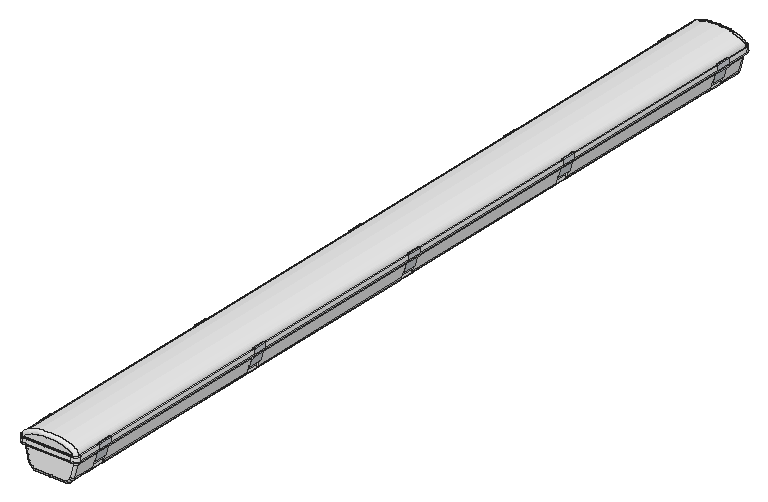
Revit family "0048803 Sylvania Lighting Fixture HYDROPROOF LED G3 1500MM T 4K E3", category Lighting Fixtures, host Face, Revit 2016
Family settings
  Host = Face
  Part Type = Normal
  Round Connector Dimension = Use Diameter
  OmniClass Number = 23.80.70.11.14
  OmniClass Title = General Luminaries, Directional
  Cut with Voids When Loaded = No
  Light Source = Yes
  Shared = No
  Room Calculation Point = No
Parameters (values of type "0048803 HYDROPROOF LED G3 1500MM T 4K E3")
  Width = 110 mm
  Weight = "2.88 kg"
  Wattage Comments = "n/a"
  Wattage = 49 W
  WarrantyStartDate [instance] = "n/a"
  WarrantyGuarantorParts = "n/a"
  WarrantyDurationUnit = "n/a"
  WarrantyDurationParts = "n/a"
  WarrantyDescription = "n/a"
  built-in parameter 1150110 = 1 (stored number, unit not read)
  Voltage = 230 V
  URL = "http://www.sylvania-lighting.com"
  TypeName = "HYDROPROOF LED G3 1500MM T 4K E3"
  Type Image = <None>
  Type Comments = "n/a"
  built-in parameter 1114217 = 1 (stored number, unit not read)
  Tilt Angle = -90.00°
  built-in parameter 1150109 = 1 (stored number, unit not read)
  built-in parameter 1150134 = 12
  built-in parameter 1150113 = 1 (stored number, unit not read)
  SerialNumber [instance] = "n/a"
  ReflectorMaterial = none
  PowerFactor = 0
  PowerConsumption = "49 W"
  Photometric Web File = "0048803.ies"
  NominalWidth = 0 mm
  NominalLength = 1578 mm
  NominalHeight = 78 mm
  Name = "HYDROPROOF LED G3 1500MM T 4K E3"
  ModelReference = "HYDROPROOF LED G3 1500MM T 4K E3"
  ModelNumber = "0048803"
  Model = "HYDROPROOF LED G3 1500MM T 4K E3"
  Material = "grp housing, pmma diffuser"
  ManufacturerName = "Feilo Sylvania"
  Manufacturer = "Feilo Sylvania"
  LuminousEfficacy = "140 lm/W"
  built-in parameter 1150105 = 545.9 (stored number, unit not read)
  Lumens = 6860 lm
  LuminaireType = ""
  built-in parameter 1150115 = 1 (stored number, unit not read)
  LightOutputRatio = "n/a"
  built-in parameter 1150137 = (empty or 0)
  built-in parameter 1150139 = (empty or 0)
  Length = 1572 mm
  LampsType = Lamp  # "LED"
  LampNominalLuminous = "6900 lm"
  LampMacAdamStep = "3"
  LampColourTemperature = "4000 K"
  LampColourRenderingIndex = "80"
  built-in parameter 1150112 = 1 (stored number, unit not read)
  built-in parameter 1150114 = 1 (stored number, unit not read)
  Lamp = "LED"
  Keynote = "16500"
  InstallationDate [instance] = "n/a"
  InputVoltage = "220-240V~"
  InputNominalFrequency = "50/60 Hz"
  built-in parameter 1150132 = (empty or 0)
  built-in parameter 1150102 = (empty or 0)
  built-in parameter 1150107 = 4000 (stored number, unit not read)
  built-in parameter 1150138 = (empty or 0)
  IngressProtection = "IP65"
  ImpactProtectionIndex = "IK02"
  built-in parameter 1150106 = 5.459 (stored number, unit not read)
  IfcExportType = "IfcLightFixtureType"
  IfcExportAs = "IfcLightFixtureType"
  ExpectedLife = 50000
  Emit from Rectangle Width = Width - 20 mm  # 90 mm
  Emit from Rectangle Length = Length - 20 mm  # 1552 mm
  Emit Shape Visible in Rendering = no
  ElectricShockClassification = "Class I"
  built-in parameter 1150104 = 13.006 (stored number, unit not read)
  DurationUnit = "hours"
  DocumentationLiterature = "http://www.sylvania-lighting.com/product/en-int/products/0048803"
  DimmingControlOptions = "Non dimmable"
  Dimming Lamp Color Temperature Shift = <None>
  DiffuserMaterial = Diffuser-Sylvania-Transparent
  Description = "Hydroproof, integrated LED chemical resistant weatherproof luminaire, with UV stabilized flat diffuser and linear prisms designed to achieve uniform lit appearance, optimise light output and to reduce glare, stainless steel diffuser clips and fixing brackets for surface and wall mounting. L 1578 mm x W 110 mm x H 78 mm size, GRP housing, PMMA diffuser, Non dimmable,   3 hour emergency, 4000K, CRI80,  6900 lm, 49 W, 140 lm/W, nominal average life (h):50000, energy class: A++ A+ A Class I,IK02, IP65."
  Default Elevation = 1219.2 mm
  CreatedOn = "3/27/2018"
  CreatedBy = "aron.fodor@feilosylvania.com"
  Cost = 0
  Color Filter = 16777215
  built-in parameter 1114216 [instance] = (empty or 0)
  ClassificationValue = "EF_70_80"
  ClassificationName = "Uniclass2015"
  BodyMaterial = Body-Sylvania-Gray
  BarCode [instance] = "n/a"
  built-in parameter 1114218 = 1 (stored number, unit not read)
  built-in parameter 1150133 = 10 (stored number, unit not read)
  AssetType = "Fixed"
  AssetIdentifier [instance] = "n/a"
  Assembly Code = "D5020200"
  Apparent Load = 49 VA
  AccessoryMaterial = Diffuser-Sylvania-Glow
Types (2, lengths in mm): name | Wattage | PowerConsumption | Photometric Web File | built-in parameter 1150105 | Lumens | LampNominalLuminous | built-in parameter 1150106 | Apparent Load
  0048803 HYDROPROOF LED G3 1500MM T 4K E3 | 49 W | "49 W" | "0048803.ies" | 545.9 (stored number, unit not read) | 6860 lm | "6900 lm" | 5.459 (stored number, unit not read) | 49 VA
  0048803 HYDROPROOF LED G3 1500MM T 4K E3 Emergency mode | 1.64286 W | "1.64 W" | "0048803EM.ies" | 18.303 (stored number, unit not read) | 230 lm | "230 lm" | 0.18303 (stored number, unit not read) | 1.64286 VA
Reference planes
  plane 1 "Center (Front/Back)": y = 0
  plane 2: z = 0
  plane 3 "Center (Left/Right)": x = 0
  plane 4: z = 54
  plane 5: x = -27.7
  plane 6: x = -34.8
  plane 7: x = -39.6
  plane 8: x = -42.2
  plane 9: z = 3
  plane 10: z = 7.8
  plane 11: z = 12.3
  plane 12: z = 36.6
  plane 13: z = 42.8
  plane 14: x = -51.1
  plane 15: z = 46.2
  plane 16: x = -55
  plane 17: y = 786
  plane 18: y = -786
  plane 19: x = 27.7
  plane 20: x = 34.8
  plane 21: x = 39.6
  plane 22: x = 42.2
  plane 23: x = 51.1
  plane 24: x = 55
  plane 25: y = 778.4
  plane 26: y = -778.4
  plane 27: y = -774.7
  plane 28: y = 774.7
  plane 29: z = 74
  plane 30: x = -51.5
  plane 31: x = 51.5
  plane 32: z = 55.2
  plane 33: y = -782.5
  plane 34: y = 782.5
  plane 35: x = -37.5
  plane 36: x = 37.5
  plane 37: x = -48.7
  plane 38: x = 48.7
  plane 39: x = 18
  plane 40: x = -18
  plane 41: z = 50.2
  plane 42: z = 24.6
  plane 43: y = 720
  plane 44: y = 706
  plane 45: y = 734
  plane 46: y = -720
  plane 47: y = 720
  plane 48: y = 706
  plane 49: y = 734
  plane 50: y = -720
  plane 51: y = -734
  plane 52: y = -706
  plane 53: y = 360
  plane 54: y = 346
  plane 55: y = 374
  plane 56: y = 0
  plane 57: y = -14
  plane 58: y = 14
  plane 59: y = -360
  plane 60: y = -374
  plane 61: y = -346
Forms (mm)
  Sweep 1, solid, material "Body-Sylvania-Gray" <- "BodyMaterial", detail levels medium+fine
    path origin (1223.4, -4572, 54) x (0, -1, 0) y (1, 0, 0)
      loop
        arc (-3796, -1278.4) -> (-3788.929, -1275.471) -> (-3786, -1268.4) r 10
        line (-3786, -1268.4) -> (-3786, -1178.4)
        arc (-3786, -1178.4) -> (-3788.929, -1171.329) -> (-3796, -1168.4) r 10
        line (-3796, -1168.4) -> (-5348, -1168.4)
        arc (-5348, -1168.4) -> (-5355.071, -1171.329) -> (-5358, -1178.4) r 10
        line (-5358, -1178.4) -> (-5358, -1268.4)
        arc (-5358, -1268.4) -> (-5355.071, -1275.471) -> (-5348, -1278.4) r 10
        line (-5348, -1278.4) -> (-3796, -1278.4)
    profile origin (-55, 0, 54) x (-1, 0, 0) y (0, 0, 1)
      loop
        line (0, 0) -> (-1, 0) -> (-1, -7.726)
        arc (-1, -7.726) -> (-1.994, -9.498) -> (-3.9, -10.2) r 2.937
        line (-3.9, -10.2) -> (-8.571, -10.2) -> (-8.571, -11.2) -> (-3.9, -11.2)
        arc (-3.9, -11.2) -> (-1.313, -10.231) -> (0, -7.8) r 3.937
        line (0, -7.8) -> (0, 0)
  Sweep 2, solid, material "Body-Sylvania-Gray" <- "BodyMaterial", detail levels medium+fine
    path origin (0, 0, 0) x (1, 0, 0) y (0, 0, 1)
      loop
        line (48.7, 42.8) -> (48.7, 36.6) -> (42.203, 12.31)
        arc (42.203, 12.31) -> (41.199, 9.884) -> (39.6, 7.8) r 10.052
        line (39.6, 7.8) -> (34.8, 3)
        arc (34.8, 3) -> (31.554, 0.781) -> (27.7, 0) r 9.902
        line (27.7, 0) -> (0, 0) -> (-27.7, 0)
        arc (-27.7, 0) -> (-31.554, 0.781) -> (-34.8, 3) r 9.902
        line (-34.8, 3) -> (-39.6, 7.8)
        arc (-39.6, 7.8) -> (-41.199, 9.884) -> (-42.203, 12.31) r 10.052
        line (-42.203, 12.31) -> (-48.7, 36.6) -> (-48.7, 42.8)
    profile origin (0, 0, 0) x (0, 0, -1) y (0, -1, 0)
      loop
        arc (0, 773.4) -> (-1.464, 776.936) -> (-5, 778.4) r 5
        line (-5, 778.4) -> (-7.8, 778.4) -> (-7.8, -778.4) -> (-5, -778.4)
        arc (-5, -778.4) -> (-1.464, -776.936) -> (0, -773.4) r 5
        line (0, -773.4) -> (0, 773.4)
  Extrusion 3, solid, material "Body-Sylvania-Gray" <- "BodyMaterial", detail levels medium+fine
    sketch origin (1524, 778.4, 1219.2) x (1, 0, 0) y (0, 0, 1)
      loop
        arc (-1558.668, -1204.874) -> (-1558.443, -1205.418) -> (-1558.085, -1205.885) r 2.252
        line (-1558.085, -1205.885) -> (-1553.231, -1210.738)
        arc (-1553.231, -1210.738) -> (-1552.534, -1211.227) -> (-1551.7, -1211.4) r 2.102
        line (-1551.7, -1211.4) -> (-1496.3, -1211.4)
        arc (-1496.3, -1211.4) -> (-1495.466, -1211.227) -> (-1494.769, -1210.738) r 2.102
        line (-1494.769, -1210.738) -> (-1489.915, -1205.885)
        arc (-1489.915, -1205.885) -> (-1489.557, -1205.418) -> (-1489.332, -1204.874) r 2.252
        line (-1489.332, -1204.874) -> (-1483.1, -1181.575) -> (-1483.1, -1176.4) -> (-1564.9, -1176.4) -> (-1564.9, -1181.575) -> (-1558.668, -1204.874)
    from 0 to 1556.8
  Sweep 4, solid, material "Diffuser-Sylvania-Transparent" <- "DiffuserMaterial", detail levels medium+fine
    path origin (0, 0, 0) x (1, 0, 0) y (0, 0, 1)
      loop
        spline (-51.5, 55.2) -> (-49.745, 60.066) -> (-44.6, 64.6) -> (-36.416, 68.494) -> (-25.75, 71.481) -> (-13.329, 73.359) -> (0, 74) -> (13.329, 73.359) -> (25.75, 71.481) -> (36.416, 68.494) -> (44.6, 64.6) -> (49.745, 60.066) -> (51.5, 55.2)
    profile origin (51.5, 0, 55.2) x (0, -1, 0) y (1, 0, 0)
      loop
        arc (782.5, -5.5) -> (780.889, -1.611) -> (777, 0) r 5.5
        line (777, 0) -> (-777, 0)
        arc (-777, 0) -> (-780.889, -1.611) -> (-782.5, -5.5) r 5.5
        line (-782.5, -5.5) -> (-782.5, -6.3) -> (-781.5, -6.3) -> (-781.5, -5.5)
        arc (-781.5, -5.5) -> (-780.182, -2.318) -> (-777, -1) r 4.5
        line (-777, -1) -> (777, -1)
        arc (777, -1) -> (780.182, -2.318) -> (781.5, -5.5) r 4.5
        line (781.5, -5.5) -> (781.5, -6.347) -> (782.5, -6.347) -> (782.5, -5.5)
  Extrusion 5, solid, material "Diffuser-Sylvania-Transparent" <- "DiffuserMaterial", detail levels medium+fine
    sketch origin (1524, -782.5, 1219.2) x (1, 0, 0) y (0, 0, 1)
      loop
        line (-1569.653, -1164) -> (-1478.347, -1164)
        spline (-1478.347, -1164) -> (-1478.969, -1162.594) -> (-1482.527, -1159.545) -> (-1489.588, -1156.201) -> (-1499.458, -1153.445) -> (-1511.242, -1151.663) -> (-1524, -1151.049) -> (-1536.758, -1151.663) -> (-1548.542, -1153.445) -> (-1558.412, -1156.201) -> (-1565.473, -1159.545) -> (-1569.031, -1162.594) -> (-1569.653, -1164)
    from 0 to -1
  Extrusion 6, solid, material "Diffuser-Sylvania-Transparent" <- "DiffuserMaterial", detail levels medium+fine
    sketch origin (1524, 782.5, 1219.2) x (1, 0, 0) y (0, 0, 1)
      loop
        spline (-1478.3, -1164) -> (-1478.931, -1162.565) -> (-1482.502, -1159.505) -> (-1489.572, -1156.155) -> (-1499.446, -1153.394) -> (-1511.236, -1151.614) -> (-1524, -1151.007) -> (-1536.764, -1151.614) -> (-1548.554, -1153.394) -> (-1558.428, -1156.155) -> (-1565.498, -1159.505) -> (-1569.069, -1162.565) -> (-1569.7, -1164)
        line (-1569.7, -1164) -> (-1478.3, -1164)
    from 0 to 1
  Extrusion 7, solid, material "Diffuser-Sylvania-Transparent" <- "DiffuserMaterial", detail levels medium+fine
    sketch origin (1223.4, -4572, 55.2) x (0, -1, 0) y (-1, 0, 0)
      loop
        arc (-5353.5, 1177.4) -> (-5352.182, 1174.218) -> (-5349, 1172.9) r 4.5
        line (-5349, 1172.9) -> (-3795, 1172.9)
        arc (-3795, 1172.9) -> (-3791.818, 1174.218) -> (-3790.5, 1177.4) r 4.5
        line (-3790.5, 1177.4) -> (-3790.5, 1269.4)
        arc (-3790.5, 1269.4) -> (-3791.818, 1272.582) -> (-3795, 1273.9) r 4.5
        line (-3795, 1273.9) -> (-5349, 1273.9)
        arc (-5349, 1273.9) -> (-5352.182, 1272.582) -> (-5353.5, 1269.4) r 4.5
        line (-5353.5, 1269.4) -> (-5353.5, 1177.4)
      loop
        line (-5358, 1268.4) -> (-5358, 1178.4)
        arc (-5358, 1178.4) -> (-5355.071, 1171.329) -> (-5348, 1168.4) r 10
        line (-5348, 1168.4) -> (-3796, 1168.4)
        arc (-3796, 1168.4) -> (-3788.929, 1171.329) -> (-3786, 1178.4) r 10
        line (-3786, 1178.4) -> (-3786, 1268.4)
        arc (-3786, 1268.4) -> (-3788.929, 1275.471) -> (-3796, 1278.4) r 10
        line (-3796, 1278.4) -> (-5348, 1278.4)
        arc (-5348, 1278.4) -> (-5355.071, 1275.471) -> (-5358, 1268.4) r 10
    from 0 to 1.2
  Extrusion 8, solid, material "Diffuser-Sylvania-Glow" <- "AccessoryMaterial", detail levels fine
    sketch origin (0, 0, 0) x (1, 0, 0) y (0, 0, 1)
      loop
        circle (-18, 50.2) r 8
      loop
        circle (18, 50.2) r 8
    from -774.7 to 774.7
  Extrusion 9, void
    sketch origin (0, 720, 2343.807) x (0, 0, -1) y (-1, 0, 0)
      loop
        line (2340.807, -37.5) -> (2331.507, -37.5) -> (2319.207, -42.2) -> (2319.207, -48.7) -> (2340.807, -48.7) -> (2340.807, -37.5)
      loop
        line (2340.807, 37.5) -> (2340.807, 48.7) -> (2319.207, 48.7) -> (2319.207, 42.2) -> (2331.507, 37.5) -> (2340.807, 37.5)
    from -14 to 14
  Extrusion 10, solid, material "Body-Sylvania-Gray" <- "BodyMaterial", detail levels coarse
    sketch origin (0, 0, 0) x (1, 0, 0) y (0, 0, 1)
      loop
        line (55, 42.8) -> (55, 55.2) -> (-55, 55.2) -> (-55, 42.791) -> (-42.2, 0) -> (42.2, 0) -> (55, 42.8)
    from -786 to 786
  Extrusion 11, solid, material "Diffuser-Sylvania-Transparent" <- "DiffuserMaterial", detail levels coarse
    sketch origin (0, 0, 0) x (1, 0, 0) y (0, 0, 1)
      loop
        arc (51.5, 55.2) -> (0, 74) -> (-51.5, 55.2) r 79.939
        line (-51.5, 55.2) -> (51.5, 55.2)
    from 778.4 to -778.4
  Extrusion 12, void, not visible
    sketch origin (0, 720, 2343.807) x (0, 0, -1) y (-1, 0, 0)
      loop
        line (2340.807, -37.5) -> (2331.507, -37.5) -> (2319.207, -42.2) -> (2319.207, -48.7) -> (2340.807, -48.7) -> (2340.807, -37.5)
      loop
        line (2340.807, 37.5) -> (2340.807, 48.7) -> (2319.207, 48.7) -> (2319.207, 42.2) -> (2331.507, 37.5) -> (2340.807, 37.5)
    from -14 to 14
  Extrusion 13, void
    sketch origin (0, -720, 2343.807) x (0, 0, -1) y (-1, 0, 0)
      loop
        line (2340.807, -37.5) -> (2331.507, -37.5) -> (2319.207, -42.2) -> (2319.207, -48.7) -> (2340.807, -48.7) -> (2340.807, -37.5)
      loop
        line (2340.807, 37.5) -> (2340.807, 48.7) -> (2319.207, 48.7) -> (2319.207, 42.2) -> (2331.507, 37.5) -> (2340.807, 37.5)
    from -14 to 14
  Extrusion 14, void
    sketch origin (0, 360, 2343.807) x (0, 0, -1) y (-1, 0, 0)
      loop
        line (2340.807, -37.5) -> (2331.507, -37.5) -> (2319.207, -42.2) -> (2319.207, -48.7) -> (2340.807, -48.7) -> (2340.807, -37.5)
      loop
        line (2340.807, 37.5) -> (2340.807, 48.7) -> (2319.207, 48.7) -> (2319.207, 42.2) -> (2331.507, 37.5) -> (2340.807, 37.5)
    from -14 to 14
  Extrusion 15, void
    sketch origin (0, 0, 2343.807) x (0, 0, -1) y (-1, 0, 0)
      loop
        line (2340.807, -37.5) -> (2331.507, -37.5) -> (2319.207, -42.2) -> (2319.207, -48.7) -> (2340.807, -48.7) -> (2340.807, -37.5)
      loop
        line (2340.807, 37.5) -> (2340.807, 48.7) -> (2319.207, 48.7) -> (2319.207, 42.2) -> (2331.507, 37.5) -> (2340.807, 37.5)
    from -14 to 14
  Extrusion 16, void
    sketch origin (0, -360, 2343.807) x (0, 0, -1) y (-1, 0, 0)
      loop
        line (2340.807, -37.5) -> (2331.507, -37.5) -> (2319.207, -42.2) -> (2319.207, -48.7) -> (2340.807, -48.7) -> (2340.807, -37.5)
      loop
        line (2340.807, 37.5) -> (2340.807, 48.7) -> (2319.207, 48.7) -> (2319.207, 42.2) -> (2331.507, 37.5) -> (2340.807, 37.5)
    from -14 to 14
Cuts and joins
  Extrusion 9, Extrusion 13, Extrusion 14, Extrusion 15, Extrusion 16 cuts Sweep 2
  Extrusion 13, Extrusion 14, Extrusion 15, Extrusion 16 cuts Extrusion 3
  joined: Sweep 2, Extrusion 3
  joined: Sweep 4, Extrusion 5, Extrusion 6
Dimensions and locks
  locked: plane 4 to plane 2 at 54
  plane 5 to plane 6 to plane 7 to plane 8 to plane 14 to plane 16 = 7.1 mm locked, 4.8 mm locked, 2.6 mm locked, 8.9 mm, 3.9 mm
  plane 4 to plane 15 to plane 13 to plane 12 to plane 11 to plane 10 to plane 9 = 7.8 mm locked, 3.4 mm, 6.2 mm locked, 24.3 mm locked, 4.5 mm locked, 4.8 mm locked
  equal spacing: plane 18, plane 1 "Center (Front/Back)", plane 17
  "Length": plane 18 to plane 17
  plane 19 to plane 20 to plane 21 to plane 22 to plane 23 to plane 24 = 7.1 mm locked, 4.8 mm locked, 2.6 mm locked, 8.9 mm, 3.9 mm
  equal spacing: plane 24, plane 3 "Center (Left/Right)", plane 16
  "Width": plane 24 to plane 16
  equal spacing: plane 27, plane 1 "Center (Front/Back)", plane 28
  locked: plane 26 to plane 27 at 3.7
  locked: Sweep 1 sketch curve to profile plane at 1
  locked: Sweep 1 sketch curve to plane 13 at 1
  locked: Sweep 1 sketch curve to plane 13 at 3.937  (x2)
  locked: Sweep 1 sketch curve to profile plane at 3.9  (x2)
  locked: plane 29 to plane 4 at 20
  equal spacing: plane 31, plane 3 "Center (Left/Right)", plane 30
  locked: plane 30 to plane 16 at 3.5
  locked: plane 32 to plane 4 at 1.2
  equal spacing: plane 33, plane 1 "Center (Front/Back)", plane 34
  equal spacing: plane 36, plane 3 "Center (Left/Right)", plane 35
  locked: plane 3 "Center (Left/Right)" to plane 35 at 37.5
  locked: plane 34 to plane 17 at 3.5
  equal spacing: plane 38, plane 3 "Center (Left/Right)", plane 37
  locked: plane 37 to plane 16 at 6.3
  equal spacing: plane 25, plane 1 "Center (Front/Back)", plane 26
  locked: plane 17 to plane 25 at 7.6
  locked: Sweep 2 sketch curve to plane 2 at 5  (x2)
  locked: Sweep 2 sketch curve to plane 26 at 5
  locked: plane 25 to Sweep 2 sketch curve at 5
  locked: Sweep 4 sketch curve to plane 31 at 5.5  (x2)
  locked: Sweep 4 sketch curve to plane 34 at 5.5
  plane 33 to Sweep 4 sketch curve = 5.5 mm
  locked: plane 34 to Sweep 4 sketch curve at 1
  locked: Sweep 4 sketch curve to plane 31 at 1
  locked: Sweep 4 sketch curve to Sweep 4 sketch curve at 1
  locked: Sweep 4 sketch curve to plane 31 at 6.347
  locked: Sweep 4 sketch curve to plane 31 at 6.3
  equal spacing: plane 39, plane 3 "Center (Left/Right)", plane 40
  locked: plane 3 "Center (Left/Right)" to plane 40 at 18
  locked: plane 42 to plane 2 at 24.6
  plane 45 to plane 43 to plane 44 = 14 mm locked, 14 mm locked
  locked: plane 17 to plane 43 at 66
  equal spacing: plane 43, plane 1 "Center (Front/Back)", plane 46
  plane 49 to plane 47 to plane 48 = 14 mm locked, 14 mm locked
  plane 52 to plane 50 to plane 51 = 14 mm locked, 14 mm locked  (x2)
  equal spacing: group 1, group 6, group 7, group 8, group 5  (x2)
  equal spacing: group 5, group 8, group 7, group 6, group 1
  plane 55 to plane 53 to plane 54 = 14 mm locked, 14 mm locked  (x2)
  plane 58 to plane 56 to plane 57 = 14 mm locked, 14 mm locked  (x2)
  plane 61 to plane 59 to plane 60 = 14 mm locked, 14 mm locked  (x2)
  plane 43 to plane 53 to plane 1 "Center (Front/Back)" to plane 59 to plane 50 = 360 mm locked, 360 mm locked, 360 mm locked, 360 mm locked
  aligned and locked: plane 2 to host face
  aligned and locked: level to host face
  aligned and locked: plane 16 to Sweep 1 sketch curve
  aligned and locked: Sweep 1 sketch curve to plane 24
  aligned and locked: plane 18 to Sweep 1 sketch curve
  aligned and locked: Sweep 1 sketch curve to plane 13
  aligned and locked: profile plane to Sweep 1 sketch curve
  aligned and locked: plane 3 "Center (Left/Right)" to Sweep 2 sketch curve
  aligned and locked: plane 9 to Sweep 2 sketch curve
  aligned and locked: plane 10 to Sweep 2 sketch curve
  aligned and locked: plane 37 to Sweep 2 sketch curve
  aligned and locked: plane 12 to Sweep 2 sketch curve
  aligned and locked: Sweep 2 sketch curve to level
  aligned and locked: plane 21 to Sweep 2 sketch curve
  aligned and locked: plane 38 to Sweep 2 sketch curve
  aligned and locked: profile plane to Sweep 2 sketch curve
  aligned and locked: plane 25 to Sweep 2 sketch curve
  aligned and locked: Sweep 2 sketch curve to plane 10
  aligned and locked: Extrusion 3 sketch curve to Sweep 2  (x7)
  aligned and locked: Sweep 2 to Extrusion 3 sketch curve
  aligned and locked: Extrusion 3 to plane 25
  aligned and locked: plane 26 to Extrusion 3
  aligned and locked: plane 32 to Sweep 4 sketch curve
  aligned and locked: plane 33 to Sweep 4 sketch curve
  aligned and locked: Sweep 4 to Extrusion 5
  aligned and locked: plane 33 to Extrusion 5
  aligned and locked: Extrusion 5 sketch curve to Sweep 4
  aligned and locked: cut or joined group of Sweep 4, Extrusion 5, Extrusion 6 to Extrusion 6 sketch curve
  aligned and locked: Extrusion 7 sketch curve to cut or joined group of Sweep 4, Extrusion 5, Extrusion 6  (x2)
  aligned and locked: cut or joined group of Sweep 4, Extrusion 5, Extrusion 6 to Extrusion 7 sketch curve  (x2)
  aligned and locked: plane 41 to Extrusion 8 sketch curve  (x2)
  aligned and locked: plane 39 to Extrusion 8 sketch curve
  aligned and locked: plane 27 to Extrusion 8
  aligned and locked: Extrusion 8 to plane 28
  aligned and locked: Extrusion 9 to plane 42
  aligned and locked: plane 9 to Extrusion 9
  aligned and locked: plane 44 to Extrusion 9
  aligned and locked: Extrusion 9 to plane 45
  aligned and locked: Extrusion 7 sketch curve to Sweep 1  (x4)
  aligned and locked: plane 4 to Extrusion 7
  aligned and locked: Extrusion 7 to plane 32
  aligned and locked: nested 2 to plane 43
  aligned and locked: plane 43 to nested 1
  aligned and locked: Extrusion 10 sketch curve to plane 24
  aligned and locked: Extrusion 10 sketch curve to Extrusion 7
  aligned and locked: plane 8 to Extrusion 10 sketch curve
  aligned and locked: plane 22 to Extrusion 10 sketch curve
  aligned and locked: level to Extrusion 10 sketch curve
  aligned and locked: Extrusion 10 to plane 17
  aligned and locked: plane 18 to Extrusion 10
  aligned and locked: cut or joined group of Sweep 4, Extrusion 5, Extrusion 6 to Extrusion 11 sketch curve
  aligned and locked: Extrusion 11 sketch curve to cut or joined group of Sweep 4, Extrusion 5, Extrusion 6  (x2)
  aligned and locked: plane 31 to Extrusion 11 sketch curve
  aligned and locked: plane 30 to Extrusion 11 sketch curve
  aligned and locked: plane 26 to Extrusion 11
  aligned and locked: Extrusion 11 to plane 25
  aligned and locked: imposter light to plane 29
  aligned and locked: plane 3 "Center (Left/Right)" to imposter light
  aligned and locked: plane 1 "Center (Front/Back)" to imposter light
  aligned and locked: plane 51 to Extrusion 13
  aligned and locked: Extrusion 13 to plane 52
  aligned and locked: plane 54 to Extrusion 14
  aligned and locked: Extrusion 14 to plane 55
  aligned and locked: plane 57 to Extrusion 15
  aligned and locked: Extrusion 15 to plane 58
  aligned and locked: plane 60 to Extrusion 16
  aligned and locked: Extrusion 16 to plane 61
  aligned and locked: nested 3 to plane 53
  aligned and locked: plane 53 to nested 10
  aligned and locked: nested 4 to plane 56
  aligned and locked: plane 56 to nested 9
  aligned and locked: nested 5 to plane 59
  aligned and locked: plane 59 to nested 8
  aligned and locked: nested 6 to plane 50
  aligned and locked: plane 50 to nested 7
Automatic sketch dimensions
  host sketch curve to host sketch curve = 2438.4 mm  (x2)
  plane 17 to Sweep 1 sketch curve = 0 mm
  Sweep 1 sketch curve to plane 28 = 1.3 mm
  Sweep 1 sketch curve to plane 7 = 5.4 mm
  plane 27 to Sweep 1 sketch curve = 1.3 mm  (x2)
  Sweep 1 sketch curve to Sweep 1 sketch curve = 4.671 mm
  Sweep 1 sketch curve to plane 4 = 0 mm
  Sweep 2 sketch curve to plane 7 = 0 mm
  Sweep 2 sketch curve to plane 6 = 0 mm
  Sweep 2 sketch curve to plane 5 = 0 mm
  plane 19 to Sweep 2 sketch curve = 0 mm
  Sweep 2 sketch curve to plane 9 = 0 mm
  plane 20 to Sweep 2 sketch curve = 0 mm
  Sweep 2 sketch curve to plane 12 = 0 mm
  Sweep 2 sketch curve to plane 10 = 0 mm
  Sweep 2 sketch curve to plane 13 = 0 mm  (x2)
  Sweep 2 sketch curve to plane 8 = 0.003 mm
  plane 6 to Sweep 2 sketch curve = 2.308 mm
  plane 20 to Sweep 2 sketch curve = 2.308 mm
  Sweep 2 sketch curve to plane 22 = 0.003 mm
  Sweep 2 sketch curve to plane 11 = 0.01 mm  (x2)
  Extrusion 3 sketch curve to plane 5 = 0 mm
  plane 19 to Extrusion 3 sketch curve = 0 mm
  plane 6 to Extrusion 3 sketch curve = 0.132 mm
  plane 6 to Extrusion 3 sketch curve = 0.715 mm
  Extrusion 3 sketch curve to Extrusion 3 sketch curve = 1.592 mm
  Extrusion 3 sketch curve to plane 10 = 0.662 mm  (x2)
  plane 20 to Extrusion 3 sketch curve = 2.308 mm
  plane 20 to Extrusion 3 sketch curve = 0.715 mm
  plane 20 to Extrusion 3 sketch curve = 0.132 mm
  Sweep 4 sketch curve to plane 30 = 0 mm
  Sweep 4 sketch curve to plane 3 "Center (Left/Right)" = 0 mm
  Sweep 4 sketch curve to Sweep 4 sketch curve = 0 mm  (x2)
  plane 37 to Extrusion 5 sketch curve = 3.047 mm
  Extrusion 5 sketch curve to plane 38 = 3.047 mm
  plane 37 to Extrusion 6 sketch curve = 3 mm
  Extrusion 6 sketch curve to plane 38 = 3 mm
  plane 25 to Extrusion 7 sketch curve = 1.4 mm  (x2)
  Extrusion 7 sketch curve to plane 26 = 1.4 mm  (x2)
  Extrusion 8 sketch curve to plane 40 = 0 mm
  Extrusion 9 sketch curve to Extrusion 9 sketch curve = 0 mm
  Extrusion 9 sketch curve to Extrusion 9 sketch curve = 12.3 mm  (x2)
  Extrusion 9 sketch curve to Extrusion 9 sketch curve = 9.3 mm  (x2)
  Extrusion 9 sketch curve to Extrusion 9 sketch curve = 6.5 mm
  Extrusion 9 sketch curve to Extrusion 9 sketch curve = 4.7 mm  (x2)
  Extrusion 9 sketch curve to Extrusion 9 sketch curve = 75 mm
  Extrusion 9 sketch curve to Extrusion 9 sketch curve = 11.2 mm
  Extrusion 10 sketch curve to plane 13 = 0 mm
  plane 13 to Extrusion 10 sketch curve = 0.009 mm
  Extrusion 11 sketch curve to level = 5.939 mm
  Extrusion 10 sketch curve to plane 16 = 0 mm
  Extrusion 12 sketch curve to Extrusion 12 sketch curve = 0 mm
  Extrusion 12 sketch curve to Extrusion 12 sketch curve = 12.3 mm  (x2)
  Extrusion 12 sketch curve to Extrusion 12 sketch curve = 9.3 mm  (x2)
  Extrusion 12 sketch curve to Extrusion 12 sketch curve = 6.5 mm
  Extrusion 12 sketch curve to Extrusion 12 sketch curve = 4.7 mm  (x2)
  Extrusion 12 sketch curve to Extrusion 12 sketch curve = 75 mm
  Extrusion 12 sketch curve to Extrusion 12 sketch curve = 11.2 mm
  Extrusion 13 sketch curve to Extrusion 13 sketch curve = 0 mm
  Extrusion 13 sketch curve to Extrusion 13 sketch curve = 12.3 mm  (x2)
  Extrusion 13 sketch curve to Extrusion 13 sketch curve = 9.3 mm  (x2)
  Extrusion 13 sketch curve to Extrusion 13 sketch curve = 6.5 mm
  Extrusion 13 sketch curve to Extrusion 13 sketch curve = 4.7 mm  (x2)
  Extrusion 13 sketch curve to Extrusion 13 sketch curve = 75 mm
  Extrusion 13 sketch curve to Extrusion 13 sketch curve = 11.2 mm
  Extrusion 14 sketch curve to Extrusion 14 sketch curve = 0 mm
  Extrusion 14 sketch curve to Extrusion 14 sketch curve = 12.3 mm  (x2)
  Extrusion 14 sketch curve to Extrusion 14 sketch curve = 9.3 mm  (x2)
  Extrusion 14 sketch curve to Extrusion 14 sketch curve = 6.5 mm
  Extrusion 14 sketch curve to Extrusion 14 sketch curve = 4.7 mm  (x2)
  Extrusion 14 sketch curve to Extrusion 14 sketch curve = 75 mm
  Extrusion 14 sketch curve to Extrusion 14 sketch curve = 11.2 mm
  Extrusion 15 sketch curve to Extrusion 15 sketch curve = 0 mm
  Extrusion 15 sketch curve to Extrusion 15 sketch curve = 12.3 mm  (x2)
  Extrusion 15 sketch curve to Extrusion 15 sketch curve = 9.3 mm  (x2)
  Extrusion 15 sketch curve to Extrusion 15 sketch curve = 6.5 mm
  Extrusion 15 sketch curve to Extrusion 15 sketch curve = 4.7 mm  (x2)
  Extrusion 15 sketch curve to Extrusion 15 sketch curve = 75 mm
  Extrusion 15 sketch curve to Extrusion 15 sketch curve = 11.2 mm
  Extrusion 16 sketch curve to Extrusion 16 sketch curve = 0 mm
  Extrusion 16 sketch curve to Extrusion 16 sketch curve = 12.3 mm  (x2)
  Extrusion 16 sketch curve to Extrusion 16 sketch curve = 9.3 mm  (x2)
  Extrusion 16 sketch curve to Extrusion 16 sketch curve = 6.5 mm
  Extrusion 16 sketch curve to Extrusion 16 sketch curve = 4.7 mm  (x2)
  Extrusion 16 sketch curve to Extrusion 16 sketch curve = 75 mm
  Extrusion 16 sketch curve to Extrusion 16 sketch curve = 11.2 mm
  radius of Extrusion 8 sketch curve = 8 mm  (x2)
Nested families
  nested 1: "Clip" at (42.2, 720, 24.6), type "Clip", detail levels fine
  nested 2: "Clip" at (-42.2, 720, 24.6) x (-1, 0, 0) z (0, 0, 1), type "Clip", detail levels fine
  nested 3: "Clip" at (-42.2, 360, 24.6) x (-1, 0, 0) z (0, 0, 1), type "Clip", detail levels fine
  nested 4: "Clip" at (-42.2, 0, 24.6) x (-1, 0, 0) z (0, 0, 1), type "Clip", detail levels fine
  nested 5: "Clip" at (-42.2, -360, 24.6) x (-1, 0, 0) z (0, 0, 1), type "Clip", detail levels fine
  nested 6: "Clip" at (-42.2, -720, 24.6) x (-1, 0, 0) z (0, 0, 1), type "Clip", detail levels fine
  nested 7: "Clip" at (42.2, -720, 24.6), type "Clip", detail levels fine
  nested 8: "Clip" at (42.2, -360, 24.6), type "Clip", detail levels fine
  nested 9: "Clip" at (42.2, 0, 24.6), type "Clip", detail levels fine
  nested 10: "Clip" at (42.2, 360, 24.6), type "Clip", detail levels fine
Connectors
  electrical at (0, 0, 0), driven by "Apparent Load"
    settings: index 1, voltage 230 V, apparent load 49 VA, apparent load phase1 0 VA, apparent load phase2 0 VA, apparent load phase3 0 VA, power factor 0, load classification "Lighting", number of poles 1, system type 30, power factor state 1, is connector primary yes, connector utility no, sub classification motor no, connector description ""
Definition of nested family "Clip"
  Parameters (values of type "Clip")
    URL = "http://www.feilosylvania.com"
    Type Comments = "n/a"
    Model = "n/a"
    Manufacturer = "Feilo Sylvania"
    Keynote = "n/a"
    Description = "n/a"
    Default Elevation = 1219.2 mm
    Cost = 0
    BodyMaterial = none
    Assembly Code = "n/a"
  Reference planes
    plane 1 "Center (Front/Back)": y = 0
    plane 2: z = 0
    plane 3 "Center (Left/Right)": x = 0
    plane 4: x = 3.3
    plane 5: x = 6.5
    plane 6: x = 8.9
    plane 7: x = 12.8
    plane 8: z = 12
    plane 9: z = 18.2
    plane 10: z = 21.6
    plane 11: z = 30.6
    plane 12: x = 9.3
    plane 13: z = 19.2
    plane 14: z = 16.2
    plane 15: x = 10.1
    plane 16: y = 12
    plane 17: y = -12
  Forms (mm)
    Extrusion 1, solid
      sketch origin (-0.8, 0, 0) x (1, 0, 0) y (0, 1, 0)
        loop
          line (-1219.2, 1219.2) -> (-1219.2, -1219.2) -> (1219.2, -1219.2) -> (1219.2, 1219.2) -> (-1219.2, 1219.2)
      from 0 to -304.8
    Extrusion 2, solid
      sketch origin (0, 0, 0) x (1, 0, 0) y (0, 0, 1)
        loop
          line (8.9, 16.2) -> (4.58, 0) -> (0, 0) -> (0, -0.8) -> (5.195, -0.8) -> (9.603, 15.731) -> (13.6, 18.806) -> (13.6, 30.6)
          arc (13.6, 30.6) -> (11.45, 32.75) -> (9.3, 30.6) r 2.15
          line (9.3, 30.6) -> (10.1, 30.6)
          arc (10.1, 30.6) -> (11.45, 31.95) -> (12.8, 30.6) r 1.35
          line (12.8, 30.6) -> (12.8, 19.2) -> (8.9, 16.2)
      from -12 to 12
  Lines and regions (mm)
    reference lines
      curve 1: line (3.3, 0, 0) -> (6.5, 0, 12)
      curve 2: arc (8.9, 0, 18.2) -> (11.488, 0, 19.169) -> (12.8, 0, 21.6) r 3.934
  Dimensions and locks
    plane 7 to plane 6 to plane 5 to plane 4 to plane 3 "Center (Left/Right)" = 3.9 mm locked, 2.4 mm locked, 3.2 mm locked, 3.3 mm locked
    plane 11 to plane 10 to plane 9 to plane 8 to plane 2 = 9 mm locked, 3.4 mm locked, 6.2 mm locked, 12 mm locked
    locked: plane 7 to plane 12 at 3.5
    locked: plane 13 to plane 9 at 1
    locked: plane 9 to plane 14 at 2
    locked: plane 15 to plane 12 at 0.8
    locked: plane 2 to Extrusion 2 sketch curve at 0.8
    locked: Extrusion 2 sketch curve to Extrusion 2 sketch curve at 0.8  (x3)
    locked: plane 7 to Extrusion 2 sketch curve at 1.35
    equal spacing: plane 17, plane 1 "Center (Front/Back)", plane 16
    locked: plane 1 "Center (Front/Back)" to plane 16 at 12
    aligned and locked: plane 2 to Extrusion 1
    aligned and locked: level to Extrusion 1
    aligned and locked: plane 4 to curve 1
    aligned and locked: plane 5 to curve 1
    aligned and locked: plane 6 to curve 2
    aligned and locked: plane 10 to curve 2
    aligned and locked: plane 14 to Extrusion 2 sketch curve
    aligned and locked: plane 13 to Extrusion 2 sketch curve
    aligned and locked: plane 7 to Extrusion 2 sketch curve
    aligned and locked: plane 3 "Center (Left/Right)" to Extrusion 2 sketch curve
    aligned and locked: Extrusion 2 sketch curve to level
    aligned and locked: Extrusion 2 sketch curve to plane 11
    aligned and locked: plane 11 to Extrusion 2 sketch curve
    aligned and locked: Extrusion 2 to plane 16
    aligned and locked: plane 17 to Extrusion 2
  Automatic sketch dimensions
    Extrusion 1 sketch curve to Extrusion 1 sketch curve = 2438.4 mm  (x2)
    curve 2 to plane 7 = 0 mm
    curve 1 to level = 0 mm
    curve 1 to plane 8 = 0 mm
    curve 2 to plane 9 = 0 mm
    plane 6 to curve 2 = 0.002 mm
    Extrusion 2 sketch curve to Extrusion 2 sketch curve = 0 mm
    Extrusion 2 sketch curve to plane 6 = 0 mm
    plane 4 to Extrusion 2 sketch curve = 1.28 mm
